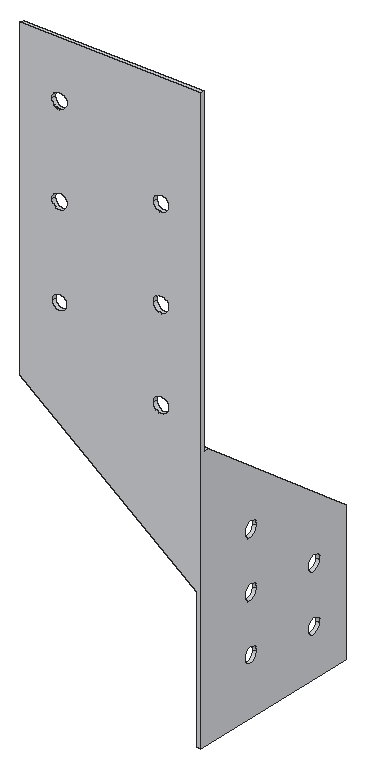
Revit family "StiffClip (R) RT", category Structural Connections, Revit 2026
Family settings
  Material for Model Behavior = Other
  Work Plane-Based = No
  Enable Cutting in Views = No
  Always vertical = No
  Cut with Voids When Loaded = No
  Shared = No
Parameters (values of type "StiffClip® RT650-43")
  Version = "2.0"
  URL = "http://www.steelnetwork.com/Product.aspx/StiffClipRT"
  Manufacturer = "The Steel Network, Inc."
  Is_650-54 = no
  Is_650-43 = yes
  Is_650-33 = no
  Is_1300-54 = no
  Is_1300-43 = no
  Is_1300-33 = no
Types (7): name | Is_650-54 | Is_650-43 | Is_650-33 | Is_1300-54 | Is_1300-43 | Is_1300-33
  (no name) | no | yes | no | no | no | no
  StiffClip® RT650-33 | no | no | yes | no | no | no
  StiffClip® RT650-43 | no | yes | no | no | no | no
  StiffClip® RT650-54 | yes | no | no | no | no | no
  StiffClip® RT1300-33 | no | no | no | no | no | yes
  StiffClip® RT1300-43 | no | no | no | no | yes | no
  StiffClip® RT1300-54 | no | no | no | yes | no | no
Reference planes (in)
  plane 1 "Center (Front/Back)": y = 0
  plane 2: z = 0
  plane 3 "Center (Left/Right)": x = 0
Nested families (in)
  nested 1: "StiffClip (R) RT650-33" at (-1.9654, 0, 0), visible <- "Is_650-33", type "StiffClip (R) RT650-33"
  nested 2: "StiffClip (R) RT650-43" at (-1.9549, 0, 0), visible <- "Is_650-43", type "StiffClip (R) RT650-43"
  nested 3: "StiffClip (R) RT650-54" at (-1.9434, 0, 0), visible <- "Is_650-54", type "StiffClip (R) RT650-54"
  nested 4: "StiffClip (R) RT1300-33" at (-1.9654, -0.0346, 0), visible <- "Is_1300-33", type "StiffClip (R) RT1300-33"
  nested 5: "StiffClip (R) RT1300-43" at (-1.9549, -0.0451, 0), visible <- "Is_1300-43", type "StiffClip (R) RT1300-43"
  nested 6: "StiffClip (R) RT1300-54" at (-1.9434, -0.0566, 0), visible <- "Is_1300-54", type "StiffClip (R) RT1300-54"
Definition of nested family "StiffClip (R) RT650-33"
  Reference planes (in)
    plane 1 "Center (Front/Back)": y = 0
    plane 2: z = 0
    plane 3 "Center (Left/Right)": x = 0
  Forms (in)
    Extrusion 1, solid
      sketch origin (0, 0, 0) x (1, 0, 0) y (0, 1, 0)
        loop
          line (1.9654, 1.9654) -> (1.9654, 0) -> (0, 0) -> (0, -0.0346) -> (2, -0.0346) -> (2, 1.9654) -> (1.9654, 1.9654)
      from 0 to 6.5
    Extrusion 2, void
      sketch origin (0, 0, 0) x (1, 0, 0) y (0, 0, 1)
        loop
          line (0, 3) -> (0, 0) -> (1.9654, 0) -> (1.9654, 1.52595) -> (0, 3)
      from 0 to 0.1316
    Extrusion 3, void
      sketch origin (0, 0, 0) x (0, 1, 0) y (0, 0, 1)
        loop
          line (0, 6.5) -> (0, 3) -> (0.0926, 3) -> (2, 1.5) -> (2, 6.5) -> (0, 6.5)
      from 0 to 12
    Extrusion 4, void
      sketch origin (0, 0, 0) x (1, 0, 0) y (0, 0, 1)
        loop
          circle (0.4375, 5.875) r 0.086
        loop
          circle (0.4375, 4.875) r 0.086
        loop
          circle (0.4375, 3.875) r 0.086
      from 0 to 0.0346
    Extrusion 5, void
      sketch origin (0, 0, 0) x (1, 0, 0) y (0, 0, 1)
        loop
          circle (1.5625, 5.25) r 0.086
        loop
          circle (1.5625, 4.25) r 0.086
        loop
          circle (1.5625, 3.25) r 0.082
      from 0 to 0.0346
    Extrusion 6, void
      sketch origin (0, 0, 0) x (0, 1, 0) y (0, 0, 1)
        loop
          circle (0.6529, 0.625) r 0.086
        loop
          circle (0.6529, 1.25) r 0.086
        loop
          circle (0.6529, 1.875) r 0.086
        loop
          circle (1.5279, 0.562) r 0.086
        loop
          circle (1.5279, 1.187) r 0.086
      from 1.9654 to 2
  Cuts and joins
    Extrusion 2, Extrusion 3, Extrusion 4, Extrusion 5, Extrusion 6 cuts Extrusion 1
Definition of nested family "StiffClip (R) RT650-43"
  Reference planes (in)
    plane 1 "Center (Front/Back)": y = 0
    plane 2: z = 0
    plane 3 "Center (Left/Right)": x = 0
  Forms (in)
    Extrusion 1, solid
      sketch origin (0, 0, 0) x (1, 0, 0) y (0, 1, 0)
        loop
          line (1.9549, 1.9549) -> (1.9549, 0) -> (0, 0) -> (0, -0.0451) -> (2, -0.0451) -> (2, 1.9549) -> (1.9549, 1.9549)
      from 0 to 6.5
    Extrusion 2, void
      sketch origin (0, 0, 0) x (1, 0, 0) y (0, 0, 1)
        loop
          line (0, 3) -> (0, 0) -> (1.9549, 0) -> (1.9549, 1.53383) -> (0, 3)
      from 0 to 0.58452
    Extrusion 3, void
      sketch origin (0, 0, 0) x (0, 1, 0) y (0, 0, 1)
        loop
          line (0, 6.5) -> (0, 2.97449) -> (0, 2.92251) -> (0.07051, 2.92251) -> (2, 1.5) -> (2, 3) -> (2, 6.5) -> (0, 6.5)
      from 0 to 2.1574
    Extrusion 4, void
      sketch origin (0, 0, 0) x (1, 0, 0) y (0, 0, 1)
        loop
          circle (0.4375, 5.875) r 0.086
        loop
          circle (0.4375, 4.875) r 0.086
        loop
          circle (0.4375, 3.875) r 0.082
      from 0 to 0.0451
    Extrusion 5, void
      sketch origin (0, 0, 0) x (1, 0, 0) y (0, 0, 1)
        loop
          circle (1.5625, 5.25) r 0.086
        loop
          circle (1.5625, 4.25) r 0.086
        loop
          circle (1.5625, 3.25) r 0.086
      from 0 to 0.0451
    Extrusion 6, void
      sketch origin (0, 0, 0) x (0, 1, 0) y (0, 0, 1)
        loop
          circle (0.6424, 0.625) r 0.086
        loop
          circle (0.6424, 1.25) r 0.086
        loop
          circle (0.6424, 1.875) r 0.086
        loop
          circle (1.5174, 0.526) r 0.086
        loop
          circle (1.5174, 1.151) r 0.086
      from 1.9549 to 2
  Cuts and joins
    Extrusion 2, Extrusion 3, Extrusion 4, Extrusion 5, Extrusion 6 cuts Extrusion 1
Definition of nested family "StiffClip (R) RT650-54"
  Reference planes (in)
    plane 1 "Center (Front/Back)": y = 0
    plane 2: z = 0
    plane 3 "Center (Left/Right)": x = 0
  Forms (in)
    Extrusion 1, solid
      sketch origin (0, 0, 0) x (1, 0, 0) y (0, 1, 0)
        loop
          line (1.9434, 1.9434) -> (1.9434, 0) -> (0, 0) -> (0, -0.0566) -> (2, -0.0566) -> (2, 1.9434) -> (1.9434, 1.9434)
      from 0 to 6.5
    Extrusion 2, void
      sketch origin (0, 0, 0) x (1, 0, 0) y (0, 0, 1)
        loop
          line (0, 3) -> (0, 0) -> (1.9434, 0) -> (1.9434, 1.54245) -> (0, 3)
      from 0 to 0.33046
    Extrusion 3, void
      sketch origin (0, 0, 0) x (0, 1, 0) y (0, 0, 1)
        loop
          line (0, 6.5) -> (0, 2.97449) -> (0, 2.91374) -> (0.08241, 2.91374) -> (2, 1.5) -> (2, 3) -> (2, 6.5) -> (0, 6.5)
      from 0 to 2.22203
    Extrusion 4, void
      sketch origin (0, 0, 0) x (1, 0, 0) y (0, 0, 1)
        loop
          circle (0.4375, 5.875) r 0.086
        loop
          circle (0.4375, 4.875) r 0.086
        loop
          circle (0.4375, 3.875) r 0.082
      from 0 to 0.0566
    Extrusion 5, void
      sketch origin (0, 0, 0) x (1, 0, 0) y (0, 0, 1)
        loop
          circle (1.5625, 5.25) r 0.086
        loop
          circle (1.5625, 4.25) r 0.086
        loop
          circle (1.5625, 3.25) r 0.082
      from 0 to 0.0566
    Extrusion 6, void
      sketch origin (0, 0, 0) x (0, 1, 0) y (0, 0, 1)
        loop
          circle (0.6309, 0.625) r 0.086
        loop
          circle (0.6309, 1.25) r 0.086
        loop
          circle (0.6309, 1.875) r 0.086
        loop
          circle (1.5059, 0.526) r 0.082
        loop
          circle (1.5059, 1.151) r 0.086
      from 1.9434 to 2
  Cuts and joins
    Extrusion 2, Extrusion 3, Extrusion 4, Extrusion 5, Extrusion 6 cuts Extrusion 1
Definition of nested family "StiffClip (R) RT1300-33"
  Reference planes (in)
    plane 1 "Center (Front/Back)": y = 0
    plane 2: z = 0
    plane 3 "Center (Left/Right)": x = 0
    plane 4: y = 0.0346
  Forms (in)
    Extrusion 1, solid
      sketch origin (0, 0, 0) x (1, 0, 0) y (0, 1, 0)
        loop
          line (1.9654, 2) -> (1.9654, 0.0346) -> (0, 0.0346) -> (0, 0) -> (2, 0) -> (2, 2) -> (1.9654, 2)
      from 0 to 13
    Extrusion 2, void
      sketch origin (0, 0, 0) x (1, 0, 0) y (0, 0, 1)
        loop
          line (0, 9.5) -> (0, 3.5) -> (1.9654, 4.97405) -> (1.9654, 8.02595) -> (0, 9.5)
      from -0.0346 to 0
    Extrusion 3, void
      sketch origin (0, 0, 0) x (0, 1, 0) y (0, 0, 1)
        loop
          line (0.0346, 3.5) -> (0.0346, 0) -> (2, 0) -> (2, 5) -> (0.1786, 3.5) -> (0.0346, 3.5)
      from 1.93377 to 2
    Extrusion 4, void
      sketch origin (0, 0, 0) x (1, 0, 0) y (0, 0, 1)
        loop
          circle (0.4375, 12.375) r 0.086
        loop
          circle (0.4375, 11.375) r 0.086
        loop
          circle (0.4375, 10.375) r 0.086
        loop
          circle (1.5625, 11.75) r 0.086
        loop
          circle (1.5625, 10.75) r 0.086
        loop
          circle (1.5625, 9.75) r 0.086
        loop
          circle (0.4375, 0.625) r 0.086
        loop
          circle (0.4375, 1.625) r 0.086
        loop
          circle (0.4375, 2.625) r 0.086
        loop
          circle (1.5625, 1.25) r 0.086
        loop
          circle (1.5625, 2.25) r 0.086
        loop
          circle (1.5625, 3.25) r 0.086
      from -0.10341 to 0
    Extrusion 5, void
      sketch origin (0, 0, 0) x (0, 1, 0) y (0, 0, 1)
        loop
          circle (0.6875, 8.375) r 0.086
        loop
          circle (0.6875, 7.75) r 0.086
        loop
          circle (0.6875, 7.125) r 0.086
        loop
          circle (0.6875, 5.875) r 0.086
        loop
          circle (0.6875, 5.25) r 0.086
        loop
          circle (0.6875, 4.625) r 0.086
        loop
          circle (1.5625, 7.687) r 0.086
        loop
          circle (1.5625, 7.062) r 0.086
        loop
          circle (1.5625, 5.938) r 0.086
        loop
          circle (1.5625, 5.313) r 0.086
      from 1.9654 to 2
    Extrusion 6, void
      sketch origin (0, 0, 13) x (0, 1, 0) y (0, 0, 1)
        loop
          line (0.0346, -3.5) -> (0.1786, -3.5) -> (2, -5) -> (2, 0) -> (0.0346, 0) -> (0.0346, -3.5)
      from 1.9654 to 2
  Cuts and joins
    Extrusion 2, Extrusion 3, Extrusion 4, Extrusion 5, Extrusion 6 cuts Extrusion 1
  Dimensions and locks (in)
    aligned and locked: plane 1 "Center (Front/Back)" to Extrusion 2
Definition of nested family "StiffClip (R) RT1300-43"
  Reference planes (in)
    plane 1 "Center (Front/Back)": y = 0
    plane 2: z = 0
    plane 3 "Center (Left/Right)": x = 0
    plane 4: x = 2
    plane 5: x = 1.9549
    plane 6: y = 0.0451
    plane 7: x = 0.4375
    plane 8: x = 1.5625
  Forms (in)
    Extrusion 1, solid
      sketch origin (0, 0, 0) x (1, 0, 0) y (0, 1, 0)
        loop
          line (1.9549, 2) -> (1.9549, 0.0451) -> (0, 0.0451) -> (0, 0) -> (2, 0) -> (2, 2) -> (1.9549, 2)
      from 0 to 13
    Extrusion 2, void
      sketch origin (0, 0, 0) x (1, 0, 0) y (0, 0, 1)
        loop
          line (0, 9.5) -> (0, 3.5) -> (1.9549, 4.96618) -> (1.9549, 8.03383) -> (0, 9.5)
      from -0.0451 to 0
    Extrusion 3, void
      sketch origin (0, 0, 0) x (0, 1, 0) y (0, 0, 1)
        loop
          line (0.0451, 3.5) -> (0.0451, 0) -> (2, 0) -> (2, 5) -> (0.1786, 3.5) -> (0.0451, 3.5)
      from 1.9549 to 2
    Extrusion 4, void
      sketch origin (0, 0, 0) x (1, 0, 0) y (0, 0, 1)
        loop
          circle (0.4375, 12.375) r 0.086
        loop
          circle (0.4375, 11.375) r 0.086
        loop
          circle (0.4375, 10.375) r 0.086
        loop
          circle (1.5625, 11.75) r 0.086
        loop
          circle (1.5625, 10.75) r 0.086
        loop
          circle (1.5625, 9.75) r 0.086
        loop
          circle (0.4375, 0.625) r 0.086
        loop
          circle (0.4375, 1.625) r 0.086
        loop
          circle (0.4375, 2.625) r 0.086
        loop
          circle (1.5625, 1.25) r 0.086
        loop
          circle (1.5625, 2.25) r 0.086
        loop
          circle (1.5625, 3.25) r 0.086
      from -0.0451 to 0
    Extrusion 5, void
      sketch origin (0, 0, 0) x (0, 1, 0) y (0, 0, 1)
        loop
          circle (0.6875, 8.375) r 0.086
        loop
          circle (0.6875, 7.75) r 0.086
        loop
          circle (0.6875, 7.125) r 0.086
        loop
          circle (0.6875, 5.875) r 0.086
        loop
          circle (0.6875, 5.25) r 0.086
        loop
          circle (0.6875, 4.625) r 0.086
        loop
          circle (1.5625, 7.687) r 0.086
        loop
          circle (1.5625, 7.062) r 0.086
        loop
          circle (1.5625, 5.938) r 0.086
        loop
          circle (1.5625, 5.313) r 0.086
      from 1.9549 to 2
    Extrusion 6, void
      sketch origin (0, 0, 13) x (0, 1, 0) y (0, 0, 1)
        loop
          line (0.0451, -3.5) -> (0.1786, -3.5) -> (2, -5) -> (2, 0) -> (0.0451, 0) -> (0.0451, -3.5)
      from 1.9549 to 2
  Cuts and joins
    Extrusion 2, Extrusion 3, Extrusion 4, Extrusion 5, Extrusion 6 cuts Extrusion 1
  Dimensions and locks (in)
    aligned and locked: plane 4 to Extrusion 3
    aligned and locked: plane 1 "Center (Front/Back)" to Extrusion 2
Definition of nested family "StiffClip (R) RT1300-54"
  Reference planes (in)
    plane 1 "Center (Front/Back)": y = 0
    plane 2: z = 0
    plane 3 "Center (Left/Right)": x = 0
    plane 4: x = 2
    plane 5: x = 1.9434
    plane 6: y = 0.0566
    plane 7: x = 0.4375
    plane 8: x = 1.5625
  Forms (in)
    Extrusion 1, solid
      sketch origin (0, 0, 0) x (1, 0, 0) y (0, 1, 0)
        loop
          line (1.9434, 2) -> (1.9434, 0.0566) -> (0, 0.0566) -> (0, 0) -> (2, 0) -> (2, 2) -> (1.9434, 2)
      from 0 to 13
    Extrusion 2, void
      sketch origin (0, 0, 0) x (1, 0, 0) y (0, 0, 1)
        loop
          line (0, 9.5) -> (0, 3.5) -> (1.9434, 4.95755) -> (1.9434, 8.04245) -> (0, 9.5)
      from -0.0566 to 0
    Extrusion 3, void
      sketch origin (0, 0, 0) x (0, 1, 0) y (0, 0, 1)
        loop
          line (0.0566, 3.5) -> (0.0566, 0) -> (2, 0) -> (2, 5) -> (0.1786, 3.5) -> (0.0566, 3.5)
      from 1.9434 to 2
    Extrusion 4, void
      sketch origin (0, 0, 0) x (1, 0, 0) y (0, 0, 1)
        loop
          circle (0.4375, 12.375) r 0.086
        loop
          circle (0.4375, 11.375) r 0.086
        loop
          circle (0.4375, 10.375) r 0.086
        loop
          circle (1.5625, 11.75) r 0.086
        loop
          circle (1.5625, 10.75) r 0.086
        loop
          circle (1.5625, 9.75) r 0.086
        loop
          circle (0.4375, 0.625) r 0.086
        loop
          circle (0.4375, 1.625) r 0.086
        loop
          circle (0.4375, 2.625) r 0.086
        loop
          circle (1.5625, 1.25) r 0.086
        loop
          circle (1.5625, 2.25) r 0.086
        loop
          circle (1.5625, 3.25) r 0.086
      from -0.0566 to 0
    Extrusion 5, void
      sketch origin (0, 0, 0) x (0, 1, 0) y (0, 0, 1)
        loop
          circle (0.6875, 8.375) r 0.086
        loop
          circle (0.6875, 7.75) r 0.086
        loop
          circle (0.6875, 7.125) r 0.086
        loop
          circle (0.6875, 5.875) r 0.086
        loop
          circle (0.6875, 5.25) r 0.086
        loop
          circle (0.6875, 4.625) r 0.086
        loop
          circle (1.5625, 7.687) r 0.086
        loop
          circle (1.5625, 7.062) r 0.086
        loop
          circle (1.5625, 5.938) r 0.086
        loop
          circle (1.5625, 5.313) r 0.086
      from 1.9434 to 2
    Extrusion 6, void
      sketch origin (0, 0, 13) x (0, 1, 0) y (0, 0, 1)
        loop
          line (0.0566, -3.5) -> (0.1786, -3.5) -> (2, -5) -> (2, 0) -> (0.0566, 0) -> (0.0566, -3.5)
      from 1.9434 to 2
  Cuts and joins
    Extrusion 2, Extrusion 3, Extrusion 4, Extrusion 5, Extrusion 6 cuts Extrusion 1
  Dimensions and locks (in)
    aligned and locked: plane 4 to Extrusion 3
    aligned and locked: plane 1 "Center (Front/Back)" to Extrusion 2
